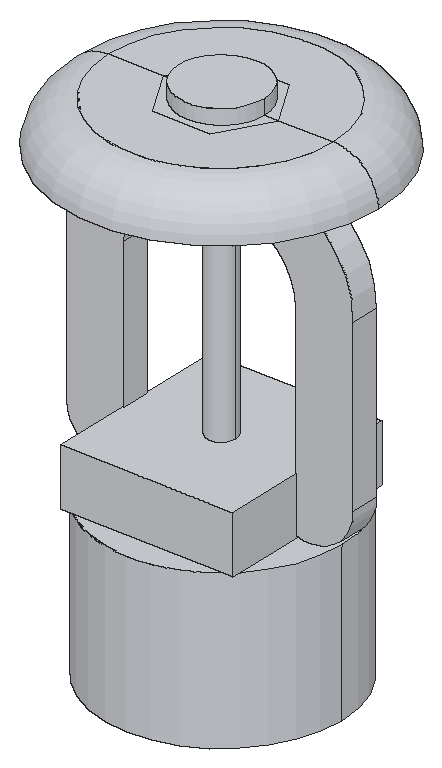
Revit family
Parameters (values of type "RASCO F1-300 UPRIGHT")
  Temperature Rating = 286 °F
  Response = (empty or 0)
  RASCO SIN # = "R5522"
  RASCO Part # = "FU3LB3"
  Pressure Rating = "300 PSI"
  Pressure Class = 1
  Orifice Size = 17/32"
  Orifice = (empty or 0)
  Model = "F1-300"
  Manufacturer = "RASCO"
  K-Factor = 8
  Description = "Brz. Finish"
  Coverage = (empty or 0)
Reference planes (in)
  plane 1 "Center (Front/Back)": y = 0
  plane 2: z = 0
  plane 3 "Center (Left/Right)": x = 0
Dimensions and locks (in)
  aligned and locked: plane 2 to level
Nested families (in)
  nested 1: "FU3LB3" at (0, 0, 0), type "RASCO F1-300 UPRIGHT"
Connectors (in)
  piping at (0, 0, 0)
    settings: on nested 1, index 1, connector radius 1/2", flow factor 0, pipe flow 0 GPM, pressure drop 0.00 psi, fitting loss kfactor 0, connector angle 0.00°, fixture units 0, flow configuration 0, flow direction 0, fitting loss method 0, system type 7, connector reference index -1, connector utility 0, adjustable connector no, is connector primary yes, fitting loss table "", connector description ""
Definition of nested family "FU3LB3"
  Parameters (values of type "RASCO F1-300 UPRIGHT")
    Type Comments = ""
    Temperature Rating = 0 °F
    Response = (empty or 0)
    Pressure Rating = "0"
    Pressure Class = (empty or 0)
    Orifice Size = 0"
    Orifice = (empty or 0)
    Model = ""
    Manufacturer = ""
    K-Factor = 0
    Description = ""
    Coverage = (empty or 0)
    Assembly Code = ""
  Reference planes (in)
    plane 1 "Center (Front/Back)": y = 0
    plane 2: z = 0
    plane 3 "ref.2": z = 0.6875
    plane 4 "ref.3": z = 0.9375
    plane 5: x = -0.38065
    plane 6: x = 0.36935
    plane 7 "ref. side 1": y = 0.06402
    plane 8 "ref. side 2": y = -0.06098
    plane 9 "ref.4": z = 1.875
    plane 10 "ref.5": z = 2.3125
    plane 11 "ref.6": z = 2.4375
  Forms (in)
    Extrusion 1, solid
      sketch origin (0, 0, 0) x (1, 0, 0) y (0, 1, 0)
        loop
          circle (0, 0) r 0.5221
      from 0 to 0.6875
    Extrusion 2, solid
      sketch origin (-0.12185, 0.05177, 0.6875) x (1, 0, 0) y (0, 1, 0)
        loop
          line (-0.2588, 0.356) -> (-0.2588, -0.4565) -> (0.4912, -0.4565) -> (0.4912, 0.356) -> (-0.2588, 0.356)
      from 0 to 0.25
    Extrusion 3, solid
      sketch origin (0, 0, 0) x (1, 0, 0) y (0, 0, 1)
        loop
          line (-0.38065, 0.69674) -> (-0.38065, 1.58397)
          arc (-0.38065, 1.58397) -> (-0.29541, 1.78976) -> (-0.08962, 1.875) r 0.29103
          line (-0.08962, 1.875) -> (0.07524, 1.875)
          arc (0.07524, 1.875) -> (0.28321, 1.78886) -> (0.36935, 1.58089) r 0.29411
          line (0.36935, 1.58089) -> (0.36935, 0.69728)
          arc (0.36935, 0.69728) -> (0.54046, 0.72329) -> (0.61935, 0.87734) r 0.18984
          line (0.61935, 0.87734) -> (0.61935, 1.61676)
          arc (0.61935, 1.61676) -> (0.48879, 1.93194) -> (0.17361, 2.0625) r 0.44574
          line (0.17361, 2.0625) -> (-0.18509, 2.0625)
          arc (-0.18509, 2.0625) -> (-0.50015, 1.932) -> (-0.63065, 1.61694) r 0.44556
          line (-0.63065, 1.61694) -> (-0.63065, 0.87876)
          arc (-0.63065, 0.87876) -> (-0.55196, 0.72414) -> (-0.38065, 0.69674) r 0.19126
      from -0.06402 to 0.06098
    Extrusion 4, solid
      sketch origin (0, 0, 0.9375) x (-1, 0, 0) y (0, -1, 0)
        loop
          circle (0.00574, -0.00152) r 0.0625
      from 0 to 0.9375
    Extrusion 5, solid
      sketch origin (0, 0, 1.875) x (-1, 0, 0) y (0, -1, 0)
        loop
          circle (0.00574, -0.00152) r 0.1875
      from 0 to 0.4375
    Revolve 6, solid
      sketch origin (0, 0, -0.2777) x (1, 0, 0) y (0, 0, 1)
        loop
          line (-0.19324, 2.33367) -> (-0.19324, 2.52696) -> (-0.25733, 2.52696) -> (-0.49638, 2.52696)
          arc (-0.49638, 2.52696) -> (-0.63432, 2.47056) -> (-0.69321, 2.33367) r 0.19686
          line (-0.69321, 2.33367) -> (-0.19324, 2.33367)
        axis (-0.00574, 2.33367) -> (-0.00574, 2.52696)
      angle from 0 to 360
  Cuts and joins
    joined: Extrusion 1, Extrusion 2, Extrusion 4, Revolve 6
  Lines and regions (in)
    model lines
      curve 1: line (-0.00574, 0.06402, 1.875) -> (-0.00574, -0.06098, 1.875)
  Dimensions and locks (in)
    Extrusion 3 to Extrusion 3 = 0' - 1 1/4"
    Extrusion 5 to cut or joined group of Extrusion 1, Extrusion 2, Extrusion 4, Revolve 6 = 0' - 2 5/16"
